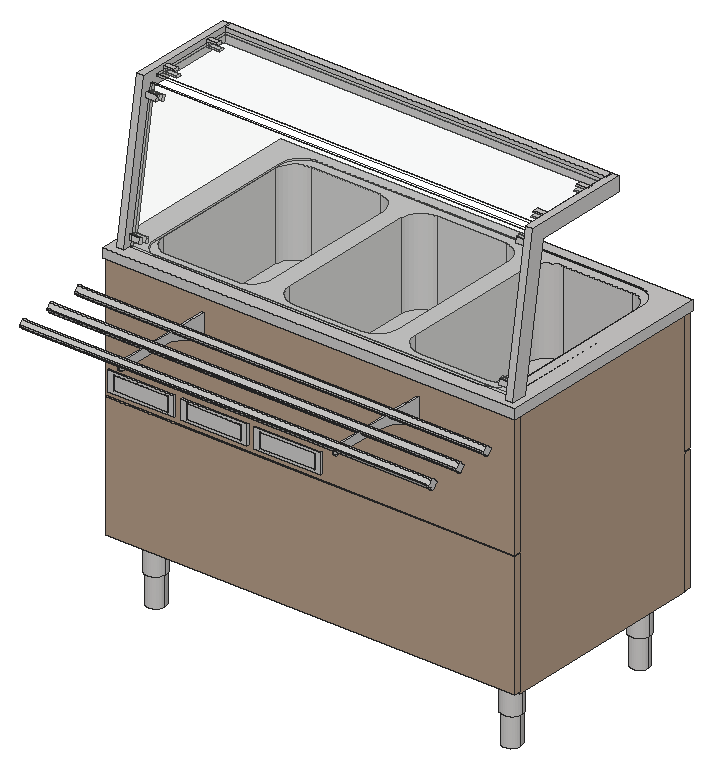
Revit family "QF_ELECTROLUXPROFESSIONAL_322079_F02H3AF01W", category Specialty Equipment, Revit 2018
Family settings
  Round Connector Dimension = Use Diameter
  Part Type = Normal
  Work Plane-Based = No
  Always vertical = Yes
  Cut with Voids When Loaded = No
  Shared = No
  Room Calculation Point = No
Parameters (values of type "Standard")
  Weight = 115.00 kg
  Watts = 0 W
  Volts = 220 V
  URL Manufacturer = "http://professional.electrolux.com"
  URL = "http://professional.electrolux.com"
  Steam Supply Size = 0 mm
  Steam Supply Minimum Pressure = 0.0 Pa
  Steam Supply Maximum Pressure = 0.0 Pa
  Steam Pounds per Hour = 0
  Show Clearance [instance] = yes
  Refrigeration Suction Line Size = 0 mm
  Refrigeration Liquid Line Size = 0 mm
  Refrigerant Compressor Remote = yes
  Manufacturer = "Electrolux Professional"
  Phase = 1
  Model = "F02H3AF01W"
  Length Actual = 1150 mm  # constant formula
  Item Number = "322079"
  Hot Water Size = 0 mm
  Height Actual = 1304 mm  # constant formula
  HP = "4.1 HP"
  Gas Size = 0 mm
  Gas KW = 0
  Gas Input Pressure = 0 W
  Direct Waste Size = 19.05 mm
  Description = "BAIN-MARIE, WATER, THREE WELLS, 3GN H=900MM OVERSHELF W/LED LIGHTS"
  Depth Actual = 915 mm  # constant formula
  Cycle = 60 Hz
  Condensate Return Size = 0 mm
  Compressed Air Volume = 0.0 L/s
  Compressed Air Size = 0 mm
  Compressed Air Pressure = 0.0 Pa
  Cold Water Size = 0 mm
  Accessory = yes
Values of the unnamed type that differ from the named types
  Volts = 0 V
  URL Manufacturer = ""
  Item Number = ""
  Cycle = 0 Hz
Reference planes
  plane 1 "Centro (Fronte/Retro)": y = 74.737
  plane 2: z = 0
  plane 3 "BACK": y = 384.737
  plane 4 "FRONT": y = -235.263
  plane 5: z = 900
  plane 6 "RIGHT": x = 60.731
  plane 7 "LEFT": x = -1089.269
  plane 8: x = -514.269
  plane 9: y = 664.737
  plane 10: y = -530.02
  plane 11: z = 178
  plane 12: z = 1304
  plane 13: z = 1222
  plane 14: y = 297.737
  plane 15: y = -148.263
  plane 16: x = -1011.269
  plane 17: x = -17.269
  plane 18: x = -1085.269
  plane 19: y = -231.263
  plane 20: x = 56.731
  plane 21: y = 380.737
  plane 22: z = 874
  plane 23: y = 362.737
  plane 24: y = -213.263
  plane 25: z = 182
  plane 26: z = 527
  plane 27: z = 531
  plane 28: x = -212.269
  plane 29: x = -816.269
  plane 30: x = -1067.269
  plane 31: x = 38.731
  plane 32: x = 18.731
  plane 33: x = -1047.269
  plane 34: x = -1039.269
  plane 35: x = 10.731
  plane 36: y = 130.237
  plane 37: y = 19.237
  plane 38: y = 33.237
  plane 39: y = 116.237
  plane 40: x = -977.269
  plane 41: x = -44.269
Forms (mm)
  Extrusion 1, solid, material "QF_Finishes_Wood"
    sketch origin (0, 0, 0) x (1, 0, 0) y (0, 1, 0)
      loop
        line (-1085.269, 362.737) -> (-1085.269, -213.263) -> (56.731, -213.263) -> (56.731, 362.737) -> (-1085.269, 362.737)
    from 178 to 874
  Extrusion 2, solid, material "QF_Finishes_Wood"
    sketch origin (56.731, 362.737, 0) x (0, -1, 0) y (0, 0, -1)
      loop
        line (576, -182) -> (576, -527) -> (594, -527) -> (594, -182) -> (576, -182)
      loop
        line (576, -531) -> (576, -874) -> (594, -874) -> (594, -531) -> (576, -531)
    from 0 to -1142
  Extrusion 3, solid, material "QF_Finishes_Wood"
    sketch origin (56.731, -213.263, 0) x (0, 1, 0) y (0, 0, 1)
      loop
        line (576, 531) -> (594, 531) -> (594, 874) -> (576, 874) -> (576, 531)
    from 0 to -1142
  Extrusion 4, solid, material "QF_Finishes_Stainless Steel"
    sketch origin (0, 0, 0) x (1, 0, 0) y (0, 1, 0)
      loop
        line (-1089.269, 384.737) -> (-1089.269, -235.263) -> (60.731, -235.263) -> (60.731, 384.737) -> (-1089.269, 384.737)
    from 874 to 900
  Extrusion 5, solid, material "QF_Finishes_Stainless Steel"
    sketch origin (-217.269, 362.737, 0) x (0, -1, 0) y (0, 0, -1)
      loop
        arc (628.84, -832.7) -> (632.082, -833.911) -> (635.519, -834.32) r 14.5
        line (635.519, -834.32) -> (675.715, -834.32) -> (689.858, -820.177) -> (704, -834.32) -> (770.715, -834.32) -> (784.858, -820.177) -> (799, -834.32) -> (865.716, -834.32) -> (879.858, -820.177) -> (887.686, -828.005) -> (887.686, -821.352)
        arc (887.686, -821.352) -> (887.303, -819.435) -> (886.214, -817.81) r 4.999
        line (886.214, -817.81) -> (881.179, -812.776)
        arc (881.179, -812.776) -> (879.559, -811.698) -> (877.651, -811.32) r 5
        line (877.651, -811.32) -> (732.206, -811.32)
        arc (732.206, -811.32) -> (708.662, -809.221) -> (685.86, -802.991) r 133.106
        line (685.86, -802.991) -> (638.285, -785.32) -> (597.679, -770.12) -> (594, -770.12) -> (594, -832.7) -> (628.84, -832.7)
    from 0 to 5
  Extrusion 6, void
    sketch origin (0, 0, 0) x (1, 0, 0) y (0, 1, 0)
      loop
        line (-1021.552, 296.537) -> (-1021.552, -138.357)
        arc (-1021.552, -138.357) -> (-1003.651, -181.492) -> (-960.516, -199.357) r 61
        line (-960.516, -199.357) -> (-68.019, -199.342)
        arc (-68.019, -199.342) -> (-24.887, -181.475) -> (-7.021, -138.342) r 61
        line (-7.021, -138.342) -> (-7.021, 296.537)
        arc (-7.021, 296.537) -> (-24.887, 339.67) -> (-68.019, 357.537) r 61
        line (-68.019, 357.537) -> (-960.516, 357.573)
        arc (-960.516, 357.573) -> (-1003.651, 339.671) -> (-1021.552, 296.537) r 61
    from 580.121 to 900
  Extrusion 7, solid, material "QF_Finishes_Wood"
    sketch origin (419.731, -213.263, -348) x (0, 1, 0) y (0, 0, 1)
      loop
        line (576, 530) -> (594, 530) -> (594, 875) -> (576, 875) -> (576, 530)
    from -363 to -658.044
  Extrusion 8, solid, material "QF_Finishes_Wood"
    sketch origin (-234.269, -213.263, -348) x (0, 1, 0) y (0, 0, 1)
      loop
        line (576, 530) -> (594, 530) -> (594, 875) -> (576, 875) -> (576, 530)
    from -548.963 to -851
  Extrusion 9, solid, material "QF_Door-Drawer Clearances", visible <- "Show Clearance"
    sketch origin (0, -4, 0) x (1, 0, 0) y (0, 1, 0)
      loop
        line (-783.232, 384.737) -> (-238.312, 384.737) -> (-710.731, 657.488)
        arc (-710.731, 657.488) -> (-764.95, 525.889) -> (-783.232, 384.737) r 544.805
    from 182 to 527
  Extrusion 10, solid, material "QF_Finishes_Stainless Steel"
    sketch origin (-816.269, 362.737, 0) x (0, -1, 0) y (0, 0, -1)
      loop
        arc (628.84, -832.7) -> (632.082, -833.911) -> (635.519, -834.32) r 14.5
        line (635.519, -834.32) -> (675.715, -834.32) -> (689.858, -820.177) -> (704, -834.32) -> (770.715, -834.32) -> (784.858, -820.177) -> (799, -834.32) -> (865.716, -834.32) -> (879.858, -820.177) -> (887.686, -828.005) -> (887.686, -821.352)
        arc (887.686, -821.352) -> (887.303, -819.435) -> (886.214, -817.81) r 4.999
        line (886.214, -817.81) -> (881.179, -812.776)
        arc (881.179, -812.776) -> (879.559, -811.698) -> (877.651, -811.32) r 5
        line (877.651, -811.32) -> (732.206, -811.32)
        arc (732.206, -811.32) -> (708.662, -809.221) -> (685.86, -802.991) r 133.106
        line (685.86, -802.991) -> (638.285, -785.32) -> (597.679, -770.12) -> (594, -770.12) -> (594, -832.7) -> (628.84, -832.7)
    from 0 to 5
  Extrusion 11, solid, material "QF_Finishes_Stainless Steel"
    sketch origin (56.731, 362.737, 0) x (0, -1, 0) y (0, 0, -1)
      loop
        line (881.983, -846.337) -> (891.875, -836.445)
        arc (891.875, -836.445) -> (892.757, -834.322) -> (891.879, -832.198) r 3
        line (891.879, -832.198) -> (881.979, -822.299)
        arc (881.979, -822.299) -> (879.858, -821.42) -> (877.737, -822.299) r 3
        line (877.737, -822.299) -> (867.837, -832.198)
        arc (867.837, -832.198) -> (866.958, -834.32) -> (867.837, -836.441) r 3
        line (867.837, -836.441) -> (877.737, -846.34)
        arc (877.737, -846.34) -> (879.86, -847.219) -> (881.983, -846.337) r 3
      loop
        line (786.979, -846.34) -> (796.879, -836.441)
        arc (796.879, -836.441) -> (797.757, -834.32) -> (796.879, -832.198) r 3
        line (796.879, -832.198) -> (786.979, -822.299)
        arc (786.979, -822.299) -> (784.858, -821.42) -> (782.737, -822.299) r 3
        line (782.737, -822.299) -> (772.837, -832.198)
        arc (772.837, -832.198) -> (771.958, -834.317) -> (772.833, -836.437) r 3
        line (772.833, -836.437) -> (782.741, -846.345)
        arc (782.741, -846.345) -> (784.861, -847.219) -> (786.979, -846.34) r 3
      loop
        line (691.976, -846.343) -> (701.882, -836.438)
        arc (701.882, -836.438) -> (702.757, -834.318) -> (701.879, -832.198) r 3
        line (701.879, -832.198) -> (691.979, -822.299)
        arc (691.979, -822.299) -> (689.858, -821.42) -> (687.737, -822.299) r 3
        line (687.737, -822.299) -> (677.837, -832.198)
        arc (677.837, -832.198) -> (676.958, -834.32) -> (677.837, -836.441) r 3
        line (677.837, -836.441) -> (687.737, -846.34)
        arc (687.737, -846.34) -> (689.856, -847.219) -> (691.976, -846.343) r 3
    from 0 to -1142
  Extrusion 12, solid, material "QF_Finishes_Stainless Steel"
    sketch origin (56.731, 362.737, 0) x (0, -1, 0) y (0, 0, -1)
      loop
        line (206.477, -1264.379) -> (206.477, -1304) -> (507.108, -1304) -> (578.344, -900) -> (537.727, -900) -> (473.477, -1264.379) -> (206.477, -1264.379)
    from -18 to -38
  Extrusion 13, solid, material "QF_Finishes_Stainless Steel"
    sketch origin (-895.269, 362.737, 0) x (0, -1, 0) y (0, 0, 1)
      loop
        line (206.477, 1264.379) -> (473.477, 1264.379) -> (537.727, 900) -> (578.344, 900) -> (507.108, 1304) -> (206.477, 1304) -> (206.477, 1264.379)
    from 172 to 152
  Extrusion 14, solid, material "QF_Finishes_Glass"
    sketch origin (-133.269, -231.263, 531) x (0, 0, 1) y (-1, 0, 0)
      loop
        line (757.879, -144) -> (765.879, -144) -> (765.879, 906) -> (757.879, 906) -> (757.879, -144)
    from -361.5 to -120.204
  Extrusion 15, solid, material "QF_Finishes_Stainless Steel"
    sketch origin (0, 0, 0) x (1, 0, 0) y (0, 1, 0)
      loop
        line (-1047.269, 156.26) -> (-1047.269, 136.26) -> (18.731, 136.26) -> (18.731, 156.26) -> (-1047.269, 156.26)
    from 1264.379 to 1304
  Extrusion 16, solid, material "QF_Finishes_Glass"
    sketch origin (-133.269, 362.737, 0) x (0, -1, 0) y (0, 0, -1)
      loop
        line (494.569, -1282.974) -> (562.097, -900) -> (553.974, -900) -> (486.445, -1282.974) -> (494.569, -1282.974)
    from 144 to -906
  Extrusion 17, solid, material "QF_Finishes_Wood"
    sketch origin (314.688, -213.263, -348) x (0, 1, 0) y (0, 0, 1)
      loop
        line (576, 530) -> (594, 530) -> (594, 875) -> (576, 875) -> (576, 530)
    from -553 to -1097.92
  Extrusion 18, solid, material "QF_Finishes_Stainless Steel"
    sketch origin (-308.144, -64.263, 531) x (0, 0, 1) y (-1, 0, 0)
      loop
        line (765.879, 706.5) -> (770.879, 708.5) -> (770.879, 739.125) -> (750.879, 739.125) -> (750.879, 731) -> (751.974, 731) -> (751.974, 700.938) -> (755.879, 702.5) -> (755.879, 732) -> (765.879, 732) -> (765.879, 706.5)
    from 0 to 14
  Extrusion 19, solid, material "QF_Finishes_Stainless Steel"
    sketch origin (-308.144, 85.737, 531) x (0, 0, 1) y (-1, 0, 0)
      loop
        line (765.879, 706.5) -> (770.879, 708.5) -> (770.879, 739.125) -> (750.879, 739.125) -> (750.879, 731) -> (751.974, 731) -> (751.974, 700.938) -> (755.879, 702.5) -> (755.879, 732) -> (765.879, 732) -> (765.879, 706.5)
    from 0 to 14
  Extrusion 20, solid, material "QF_Finishes_Stainless Steel"
    sketch origin (-720.394, -64.263, 531) x (0, 0, 1) y (-1, 0, 0)
      loop
        line (765.879, -706.5) -> (765.879, -732) -> (755.879, -732) -> (755.879, -702.5) -> (751.974, -700.938) -> (751.974, -731) -> (750.879, -731) -> (750.879, -739.125) -> (770.879, -739.125) -> (770.879, -708.5) -> (765.879, -706.5)
    from 0 to 14
  Extrusion 21, solid, material "QF_Finishes_Stainless Steel"
    sketch origin (-720.394, 85.737, 531) x (0, 0, 1) y (-1, 0, 0)
      loop
        line (765.879, -706.5) -> (765.879, -732) -> (755.879, -732) -> (755.879, -702.5) -> (751.974, -700.938) -> (751.974, -731) -> (750.879, -731) -> (750.879, -739.125) -> (770.879, -739.125) -> (770.879, -708.5) -> (765.879, -706.5)
    from 0 to 14
  Extrusion 22, solid, material "QF_Finishes_Stainless Steel"
    sketch origin (-720.394, 619.458, 1129.907) x (0, -0.984808, 0.173648) y (-1, 0, 0)
      loop
        line (765.879, -706.5) -> (765.879, -732) -> (755.879, -732) -> (755.879, -702.5) -> (751.974, -700.938) -> (751.974, -731) -> (750.879, -731) -> (750.879, -739.125) -> (770.879, -739.125) -> (770.879, -708.5) -> (765.879, -706.5)
    from 0 to 14
  Extrusion 23, solid, material "QF_Finishes_Stainless Steel"
    sketch origin (-308.144, 619.458, 1129.907) x (0, -0.984808, 0.173648) y (-1, 0, 0)
      loop
        line (765.879, 706.5) -> (770.879, 708.5) -> (770.879, 739.125) -> (750.879, 739.125) -> (750.879, 731) -> (751.974, 731) -> (751.974, 700.938) -> (755.879, 702.5) -> (755.879, 732) -> (765.879, 732) -> (765.879, 706.5)
    from 0 to 14
  Extrusion 24, solid, material "QF_Finishes_Stainless Steel"
    sketch origin (-720.394, 562.154, 799.389) x (0, -0.984808, 0.173648) y (-1, 0, 0)
      loop
        line (765.879, -706.5) -> (765.879, -732) -> (755.879, -732) -> (755.879, -702.5) -> (751.974, -700.938) -> (751.974, -731) -> (750.879, -731) -> (750.879, -739.125) -> (770.879, -739.125) -> (770.879, -708.5) -> (765.879, -706.5)
    from 0 to 14
  Extrusion 25, solid, material "QF_Finishes_Stainless Steel"
    sketch origin (-308.144, 562.154, 799.389) x (0, -0.984808, 0.173648) y (-1, 0, 0)
      loop
        line (765.879, 706.5) -> (770.879, 708.5) -> (770.879, 739.125) -> (750.879, 739.125) -> (750.879, 731) -> (751.974, 731) -> (751.974, 700.938) -> (755.879, 702.5) -> (755.879, 732) -> (765.879, 732) -> (765.879, 706.5)
    from 0 to 14
  Extrusion 26, solid, material "QF_Finishes_Stainless Steel"
    sketch origin (-1218.537, 0, 0) x (-1, 0, 0) y (0, -1, 0)
      loop
        circle (-196.269, -124.737) r 10
    from 178 to 166
  Extrusion 27, solid, material "QF_Finishes_Stainless Steel"
    sketch origin (-1218.537, 149.474, 0) x (-1, 0, 0) y (0, -1, 0)
      loop
        circle (-196.269, 124.737) r 10
    from 178 to 166
Cuts and joins
  Extrusion 6 cuts Extrusion 1
  Extrusion 6 cuts Extrusion 4
Lines and regions (mm)
  symbolic lines
    curve 1: line (60.731, 384.737, 0) -> (60.731, -235.263, 0)
    curve 2: line (-1089.269, -235.263, 0) -> (-1089.269, 384.737, 0)
    curve 3: line (-1089.269, 384.737, 0) -> (60.731, 384.737, 0)
    curve 4: line (-1089.269, -235.263, 0) -> (60.731, -235.263, 0)
    curve 5: line (10.731, -64.263, 0) -> (10.731, 71.737, 0)
    curve 6: line (-1039.269, 71.737, 0) -> (-1039.269, -64.263, 0)
    curve 7: line (-1067.269, 156.26, 0) -> (38.731, 156.26, 0)
    curve 8: line (38.731, 156.26, 0) -> (38.731, -215.607, 0)
    curve 9: line (38.731, -215.607, 0) -> (18.731, -215.607, 0)
    curve 10: line (18.731, -215.607, 0) -> (18.731, 156.26, 0)
    curve 11: line (18.731, 136.26, 0) -> (-1047.269, 136.26, 0)
    curve 12: line (-1047.269, 156.26, 0) -> (-1047.269, -215.607, 0)
    curve 13: line (-1047.269, -215.607, 0) -> (-1067.269, -215.607, 0)
    curve 14: line (-1067.269, -215.607, 0) -> (-1067.269, 156.26, 0)
    curve 15: line (-1067.269, -144.371, 0) -> (-1047.269, -144.371, 0)
    curve 16: line (18.731, -144.371, 0) -> (38.731, -144.371, 0)
    curve 17: line (-1039.269, 130.237, 0) -> (-1039.269, 85.737, 0)
    curve 18: line (-1039.269, 130.237, 0) -> (10.731, 130.237, 0)
    curve 19: line (10.731, 130.237, 0) -> (10.731, 85.737, 0)
    curve 20: line (10.731, -78.263, 0) -> (10.731, -111.059, 0)
    curve 21: line (18.731, 85.737, 0) -> (-13.769, 85.737, 0)
    curve 22: line (-13.769, 85.737, 0) -> (-13.769, 71.737, 0)
    curve 23: line (-13.769, 71.737, 0) -> (18.731, 71.737, 0)
    curve 24: line (18.731, -64.263, 0) -> (-13.769, -64.263, 0)
    curve 25: line (-13.769, -64.263, 0) -> (-13.769, -78.263, 0)
    curve 26: line (-13.769, -78.263, 0) -> (18.731, -78.263, 0)
    curve 27: line (-1047.269, -64.263, 0) -> (-1014.769, -64.263, 0)
    curve 28: line (-1014.769, -64.263, 0) -> (-1014.769, -78.263, 0)
    curve 29: line (-1014.769, -78.263, 0) -> (-1047.269, -78.263, 0)
    curve 30: line (-1047.269, 85.737, 0) -> (-1014.769, 85.737, 0)
    curve 31: line (-1014.769, 85.737, 0) -> (-1014.769, 71.737, 0)
    curve 32: line (-1014.769, 71.737, 0) -> (-1047.269, 71.737, 0)
    curve 33: line (-1047.269, -142.14, 0) -> (-1016.769, -142.14, 0)
    curve 34: line (-1016.769, -142.14, 0) -> (-1016.769, -139.709, 0)
    curve 35: line (-1016.769, -139.709, 0) -> (-1047.269, -139.709, 0)
    curve 36: line (-1016.769, -142.14, 0) -> (-1014.769, -137.216, 0)
    curve 37: line (-1040.269, -134.785, 0) -> (-1014.769, -134.785, 0)
    curve 38: line (-1040.269, -134.785, 0) -> (-1040.269, -124.937, 0)
    curve 39: line (-1040.269, -124.937, 0) -> (-1039.269, -124.937, 0)
    curve 40: line (-1040.269, -127.368, 0) -> (-1039.269, -127.368, 0)
    curve 41: line (-1047.269, -120.013, 0) -> (-1039.269, -120.013, 0)
    curve 42: line (-1039.269, -120.013, 0) -> (-1039.269, -121.091, 0)
    curve 43: line (-1039.269, -121.091, 0) -> (-1009.207, -121.091, 0)
    curve 44: line (-1009.207, -121.091, 0) -> (-1009.207, -123.708, 0)
    curve 45: line (-1009.207, -121.091, 0) -> (-1010.269, -123.708, 0)
    curve 46: line (-1016.769, -139.709, 0) -> (-1014.769, -134.785, 0)
    curve 47: line (-1014.769, -134.785, 0) -> (-1014.769, -137.216, 0)
    curve 48: line (-1039.269, -123.708, 0) -> (-1039.269, -134.785, 0)
    curve 49: line (10.731, -131.831, 0) -> (10.731, -123.708, 0)
    curve 50: line (10.731, -123.708, 0) -> (-1039.269, -123.708, 0)
    curve 51: line (18.731, -142.14, 0) -> (-11.769, -142.14, 0)
    curve 52: line (-11.769, -142.14, 0) -> (-11.769, -139.709, 0)
    curve 53: line (-11.769, -139.709, 0) -> (18.731, -139.709, 0)
    curve 54: line (-11.769, -142.14, 0) -> (-13.769, -137.216, 0)
    curve 55: line (11.731, -134.785, 0) -> (-13.769, -134.785, 0)
    curve 56: line (11.731, -134.785, 0) -> (11.731, -124.937, 0)
    curve 57: line (11.731, -124.937, 0) -> (10.731, -124.937, 0)
    curve 58: line (11.731, -127.368, 0) -> (10.731, -127.368, 0)
    curve 59: line (18.731, -120.013, 0) -> (10.731, -120.013, 0)
    curve 60: line (10.731, -120.013, 0) -> (10.731, -121.091, 0)
    curve 61: line (10.731, -121.091, 0) -> (-19.331, -121.091, 0)
    curve 62: line (-19.331, -121.091, 0) -> (-19.331, -123.708, 0)
    curve 63: line (-19.331, -121.091, 0) -> (-18.268, -123.708, 0)
    curve 64: line (-11.769, -139.709, 0) -> (-13.769, -134.785, 0)
    curve 65: line (-13.769, -134.785, 0) -> (-13.769, -137.216, 0)
    curve 66: line (10.731, -123.708, 0) -> (10.731, -134.785, 0)
    curve 67: line (-1039.269, -142.14, 0) -> (-1039.269, -192.089, 0)
    curve 68: line (-1039.269, -177.317, 0) -> (-1047.269, -177.317, 0)
    curve 69: line (-1039.269, -182.241, 0) -> (-1040.269, -182.241, 0)
    curve 70: line (-1040.269, -184.672, 0) -> (-1039.269, -184.672, 0)
    curve 71: line (-1040.269, -182.241, 0) -> (-1040.269, -192.089, 0)
    curve 72: line (-1040.269, -192.089, 0) -> (-1014.779, -192.089, 0)
    curve 73: line (-1016.769, -197.013, 0) -> (-1014.779, -192.089, 0)
    curve 74: line (-1014.779, -192.089, 0) -> (-1014.779, -194.52, 0)
    curve 75: line (-1016.769, -199.444, 0) -> (-1014.779, -194.52, 0)
    curve 76: line (-1016.769, -197.013, 0) -> (-1016.769, -199.444, 0)
    curve 77: line (-1047.269, -199.444, 0) -> (-1016.769, -199.444, 0)
    curve 78: line (-1016.769, -197.013, 0) -> (-1047.269, -197.013, 0)
    curve 79: line (10.731, -177.317, 0) -> (18.731, -177.317, 0)
    curve 80: line (10.731, -182.241, 0) -> (11.731, -182.241, 0)
    curve 81: line (11.731, -184.672, 0) -> (10.731, -184.672, 0)
    curve 82: line (11.731, -182.241, 0) -> (11.731, -192.089, 0)
    curve 83: line (11.731, -192.089, 0) -> (-13.758, -192.089, 0)
    curve 84: line (-11.769, -197.013, 0) -> (-13.758, -192.089, 0)
    curve 85: line (-13.758, -192.089, 0) -> (-13.758, -194.52, 0)
    curve 86: line (-11.769, -199.444, 0) -> (-13.758, -194.52, 0)
    curve 87: line (-11.769, -197.013, 0) -> (-11.769, -199.444, 0)
    curve 88: line (18.731, -199.444, 0) -> (-11.769, -199.444, 0)
    curve 89: line (-11.769, -197.013, 0) -> (18.731, -197.013, 0)
    curve 90: line (-1016.735, -199.36, 0) -> (-11.803, -199.36, 0)
    curve 91: line (-1039.269, -78.263, 0) -> (-1039.269, -111.059, 0)
    curve 92: line (-1039.269, -111.059, 0) -> (10.731, -111.059, 0)
    curve 93: line (-1039.269, -131.831, 0) -> (10.731, -131.831, 0)
    curve 94: line (10.731, -142.14, 0) -> (10.731, -192.089, 0)
    curve 95: line (-1089.269, -235.263, 0) -> (-1089.269, -530.02, 0)
    curve 96: line (-1089.269, -530.02, 0) -> (60.731, -530.02, 0)
    curve 97: line (60.731, -530.02, 0) -> (60.731, -235.263, 0)
  symbolic lines, style "QF_Door-Drawer Clearances"
    curve 98: line (-245.24, 384.737, 0) -> (-710.731, 653.488, 0)
    curve 99: arc (-710.731, 653.488, 0) -> (-764.432, 523.821, 0) -> (-783.226, 384.737, 0) r 544.805
    curve 100: line (-285.24, 384.737, 0) -> (-720.731, 636.168, 0)
  symbolic lines, style "SpecialityEquipmentHiddenLines"
    curve 101: line (-714.269, -115.763, 0) -> (-714.269, 275.237, 0)
    curve 102: arc (-714.269, 275.237, 0) -> (-730.671, 314.835, 0) -> (-770.269, 331.237, 0) r 56
    curve 103: line (-770.269, 331.237, 0) -> (-961.269, 331.237, 0)
    curve 104: arc (-961.269, 331.237, 0) -> (-1000.867, 314.835, 0) -> (-1017.269, 275.237, 0) r 56
    curve 105: line (-1017.269, 275.237, 0) -> (-1017.269, -115.763, 0)
    curve 106: arc (-1017.269, -115.763, 0) -> (-1000.867, -155.361, 0) -> (-961.269, -171.763, 0) r 56
    curve 107: line (-961.269, -171.763, 0) -> (-770.269, -171.763, 0)
    curve 108: arc (-770.269, -171.763, 0) -> (-730.671, -155.361, 0) -> (-714.269, -115.763, 0) r 56
    curve 109: line (-362.769, -115.763, 0) -> (-362.769, 275.237, 0)
    curve 110: arc (-362.769, 275.237, 0) -> (-379.171, 314.835, 0) -> (-418.769, 331.237, 0) r 56
    curve 111: line (-418.769, 331.237, 0) -> (-609.769, 331.237, 0)
    curve 112: arc (-609.769, 331.237, 0) -> (-649.367, 314.835, 0) -> (-665.769, 275.237, 0) r 56
    curve 113: line (-665.769, 275.237, 0) -> (-665.769, -115.763, 0)
    curve 114: arc (-665.769, -115.763, 0) -> (-649.367, -155.361, 0) -> (-609.769, -171.763, 0) r 56
    curve 115: line (-609.769, -171.763, 0) -> (-418.769, -171.763, 0)
    curve 116: arc (-418.769, -171.763, 0) -> (-379.171, -155.361, 0) -> (-362.769, -115.763, 0) r 56
    curve 117: line (-11.269, -115.763, 0) -> (-11.269, 275.237, 0)
    curve 118: arc (-11.269, 275.237, 0) -> (-27.671, 314.835, 0) -> (-67.269, 331.237, 0) r 56
    curve 119: line (-67.269, 331.237, 0) -> (-258.269, 331.237, 0)
    curve 120: arc (-258.269, 331.237, 0) -> (-297.867, 314.835, 0) -> (-314.269, 275.237, 0) r 56
    curve 121: line (-314.269, 275.237, 0) -> (-314.269, -115.763, 0)
    curve 122: arc (-314.269, -115.763, 0) -> (-297.867, -155.361, 0) -> (-258.269, -171.763, 0) r 56
    curve 123: line (-258.269, -171.763, 0) -> (-67.269, -171.763, 0)
    curve 124: arc (-67.269, -171.763, 0) -> (-27.671, -155.361, 0) -> (-11.269, -115.763, 0) r 56
Dimensions and locks
  plane 7 "LEFT" to plane 6 "RIGHT" = 1150 mm
  equal spacing: plane 3 "BACK", plane 1 "Centro (Fronte/Retro)", plane 4 "FRONT"
  plane 3 "BACK" to plane 4 "FRONT" = 620 mm
  equal spacing: plane 7 "LEFT", plane 8, plane 6 "RIGHT"
  locked: plane 9 to plane 3 "BACK" at 280
  locked: plane 4 "FRONT" to plane 10 at 294.757
  locked: plane 11 to plane 2 at 178
  locked: plane 5 to plane 2 at 900
  locked: plane 12 to plane 2 at 1304
  locked: plane 13 to plane 2 at 1222
  locked: plane 3 "BACK" to plane 14 at 87
  locked: plane 7 "LEFT" to plane 16 at 78
  locked: plane 17 to plane 6 "RIGHT" at 78
  locked: plane 15 to plane 4 "FRONT" at 87
  locked: plane 3 "BACK" to plane 21 at 4
  locked: plane 7 "LEFT" to plane 18 at 4
  locked: plane 20 to plane 6 "RIGHT" at 4
  locked: plane 19 to plane 4 "FRONT" at 4
  locked: plane 5 to plane 22 at 26
  locked: plane 24 to plane 19 at 18
  locked: plane 21 to plane 23 at 18
  plane 20 to plane 28 = 269 mm
  plane 29 to plane 18 = 269 mm
  equal spacing: plane 30, plane 8, plane 31
  plane 30 to plane 31 = 1106 mm
  locked: plane 30 to plane 33 at 20
  locked: plane 32 to plane 31 at 20
  equal spacing: plane 34, plane 8, plane 35
  plane 34 to plane 35 = 1050 mm
  equal spacing: plane 36, plane 1 "Centro (Fronte/Retro)", plane 37
  plane 36 to plane 37 = 111 mm
  locked: plane 36 to plane 39 at 14
  locked: plane 38 to plane 37 at 14
  locked: plane 41 to plane 6 "RIGHT" at 105
  locked: plane 7 "LEFT" to plane 40 at 112
  plane 16 to plane 7 "LEFT" = 78 mm
  plane 6 "RIGHT" to plane 17 = 78 mm
  angle Extrusion 9 sketch curve to Extrusion 17 = 30.00°
  aligned and locked: level to plane 2
  aligned and locked: Extrusion 1 sketch curve to plane 23
  aligned and locked: plane 18 to Extrusion 1 sketch curve
  aligned and locked: plane 24 to Extrusion 1 sketch curve
  aligned and locked: Extrusion 1 sketch curve to plane 20
  aligned and locked: plane 22 to Extrusion 1
  aligned and locked: Extrusion 1 to plane 11
  aligned and locked: plane 25 to Extrusion 2 sketch curve
  aligned and locked: Extrusion 2 sketch curve to plane 24  (x2)
  aligned and locked: Extrusion 2 sketch curve to plane 26
  aligned and locked: plane 19 to Extrusion 2 sketch curve  (x2)
  aligned and locked: plane 27 to Extrusion 2 sketch curve
  aligned and locked: Extrusion 2 sketch curve to plane 22
  aligned and locked: Extrusion 2 to plane 18
  aligned and locked: Extrusion 3 to plane 18
  aligned and locked: Extrusion 4 sketch curve to plane 3 "BACK"
  aligned and locked: plane 7 "LEFT" to Extrusion 4 sketch curve
  aligned and locked: plane 4 "FRONT" to Extrusion 4 sketch curve
  aligned and locked: Extrusion 4 sketch curve to plane 6 "RIGHT"
  aligned and locked: Extrusion 4 to plane 22
  aligned and locked: plane 20 to Extrusion 7
  aligned and locked: Extrusion 8 to plane 18
  aligned and locked: plane 26 to Extrusion 9
  aligned and locked: Extrusion 7 to plane 25
  aligned and locked: Extrusion 8 to plane 25
  aligned and locked: plane 16 to nested 1
  aligned and locked: plane 17 to nested 2
  aligned and locked: nested 2 to plane 15
  aligned and locked: nested 1 to plane 15
  aligned and locked: nested 3 to plane 14
  aligned and locked: plane 16 to nested 4
  aligned and locked: plane 20 to Extrusion 11
  aligned and locked: Extrusion 11 to plane 18
  aligned and locked: nested 4 to plane 14
  aligned and locked: Extrusion 12 to plane 31
  aligned and locked: Extrusion 12 to plane 32
  aligned and locked: plane 33 to Extrusion 13
  aligned and locked: Extrusion 13 to plane 30
  aligned and locked: Extrusion 15 sketch curve to plane 32
  aligned and locked: plane 33 to Extrusion 15 sketch curve
  aligned and locked: Extrusion 15 to Extrusion 12
  aligned and locked: Extrusion 16 to plane 34
  aligned and locked: plane 35 to Extrusion 16
  aligned and locked: Extrusion 14 sketch curve to plane 35
  aligned and locked: plane 34 to Extrusion 14 sketch curve
  aligned and locked: plane 17 to nested 3
Automatic sketch dimensions
  curve 95 to plane 4 "FRONT" = 0 mm
  curve 95 to plane 7 "LEFT" = 0 mm
  curve 13 to plane 30 = 0 mm
  curve 41 to plane 33 = 0 mm
  curve 48 to plane 34 = 0 mm
  curve 67 to plane 34 = 0 mm
  curve 6 to plane 34 = 0 mm
  curve 18 to plane 34 = 0 mm
  curve 91 to plane 34 = 0 mm
  curve 99 to plane 3 "BACK" = 0 mm
  curve 19 to plane 35 = 0 mm
  curve 20 to plane 35 = 0 mm
  curve 66 to plane 35 = 0 mm
  curve 94 to plane 35 = 0 mm
  curve 5 to plane 35 = 0 mm
  curve 16 to plane 32 = 0 mm
  curve 16 to plane 31 = 0 mm
  curve 97 to plane 6 "RIGHT" = 0 mm
  curve 96 to plane 10 = 0 mm
  curve 18 to plane 36 = 0 mm
  curve 69 to plane 34 = 1 mm
  curve 37 to curve 48 = 1 mm
  curve 41 to plane 34 = 0 mm
  curve 77 to plane 16 = 5.5 mm
  curve 46 to plane 16 = 5.5 mm
  curve 73 to plane 16 = 3.511 mm
  curve 46 to plane 16 = 3.5 mm
  curve 29 to plane 16 = 3.5 mm
  curve 32 to plane 16 = 3.5 mm
  plane 16 to curve 44 = 2.062 mm
  curve 98 to plane 9 = 11.249 mm
  plane 29 to curve 98 = 105.538 mm
  plane 21 to curve 99 = 1.195 mm
  curve 99 to plane 28 = 26.16 mm
  curve 62 to plane 17 = 2.062 mm
  plane 17 to curve 25 = 3.5 mm
  plane 17 to curve 22 = 3.5 mm
  plane 17 to curve 64 = 3.5 mm
  plane 17 to curve 85 = 3.511 mm
  curve 54 to curve 52 = 2 mm
  curve 85 to curve 84 = 1.989 mm
  plane 35 to curve 60 = 0 mm
  curve 94 to curve 83 = 1 mm
  plane 35 to curve 56 = 1 mm
  curve 10 to plane 24 = 2.344 mm
  curve 13 to plane 24 = 2.344 mm
  plane 24 to curve 77 = 13.819 mm
  plane 24 to curve 88 = 13.819 mm
  curve 75 to curve 78 = 2.431 mm
  curve 86 to curve 84 = 2.431 mm
  curve 84 to curve 86 = 2.493 mm
  curve 73 to curve 74 = 2.493 mm
  curve 78 to curve 71 = 4.924 mm
  curve 85 to curve 83 = 2.431 mm
  curve 71 to curve 71 = 9.848 mm
  curve 82 to curve 80 = 9.848 mm
  plane 15 to curve 36 = 6.122 mm
  plane 15 to curve 51 = 6.122 mm
  curve 33 to curve 35 = 2.431 mm
  curve 51 to curve 53 = 2.431 mm
  curve 52 to curve 65 = 2.493 mm
  curve 34 to curve 36 = 2.493 mm
  curve 36 to curve 47 = 2.431 mm
  curve 54 to curve 65 = 2.431 mm
  curve 66 to curve 49 = 2.954 mm
  curve 49 to curve 56 = 6.894 mm
  curve 93 to curve 39 = 6.894 mm
  curve 57 to curve 49 = 1.229 mm
  curve 62 to curve 63 = 2.617 mm
  curve 48 to curve 42 = 2.617 mm
  curve 60 to curve 59 = 1.078 mm
  curve 42 to curve 42 = 1.078 mm
  curve 59 to curve 92 = 8.954 mm
  curve 20 to curve 25 = 32.796 mm
  curve 91 to curve 29 = 32.796 mm
  curve 28 to curve 27 = 14 mm
  curve 25 to curve 25 = 14 mm
  plane 1 "Centro (Fronte/Retro)" to curve 22 = 3 mm
  plane 1 "Centro (Fronte/Retro)" to curve 31 = 3 mm
  curve 22 to plane 1 "Centro (Fronte/Retro)" = 11 mm
  curve 31 to plane 1 "Centro (Fronte/Retro)" = 11 mm
  plane 36 to curve 7 = 26.023 mm
  curve 75 to curve 90 = 0.034 mm
  plane 16 to curve 45 = 0.999 mm
  curve 100 to plane 9 = 28.569 mm
  curve 100 to curve 98 = 10 mm
  curve 100 to curve 99 = 46.812 mm
  curve 98 to curve 99 = 6.812 mm
  curve 63 to plane 17 = 0.999 mm
  curve 70 to curve 69 = 2.431 mm
  curve 81 to curve 80 = 2.431 mm
  curve 80 to curve 79 = 4.924 mm
  curve 69 to curve 68 = 4.924 mm
  plane 15 to curve 16 = 3.892 mm
  curve 15 to curve 33 = 2.23 mm
  curve 40 to curve 38 = 2.431 mm
  curve 58 to curve 57 = 2.431 mm
  plane 36 to curve 11 = 6.023 mm
  Extrusion 1 to Extrusion 3 sketch curve = 0 mm
  Extrusion 3 sketch curve to Extrusion 1 = 0 mm
  Extrusion 3 sketch curve to Extrusion 3 sketch curve = 18 mm
  Extrusion 3 sketch curve to Extrusion 3 sketch curve = 343 mm
  Extrusion 5 sketch curve to plane 19 = 0 mm
  plane 4 "FRONT" to Extrusion 5 sketch curve = 0.321 mm
  Extrusion 5 sketch curve to plane 4 "FRONT" = 30.84 mm
  Extrusion 5 sketch curve to Extrusion 5 sketch curve = 6.66 mm
  Extrusion 5 sketch curve to Extrusion 5 sketch curve = 6.678 mm
  Extrusion 5 sketch curve to Extrusion 5 sketch curve = 2.785 mm
  Extrusion 5 sketch curve to Extrusion 5 sketch curve = 40.197 mm
  Extrusion 5 sketch curve to Extrusion 5 sketch curve = 10.145 mm
  Extrusion 5 sketch curve to Extrusion 5 sketch curve = 3.998 mm
  Extrusion 5 sketch curve to plane 22 = 39.68 mm  (x3)
  Extrusion 5 sketch curve to Extrusion 5 sketch curve = 14.142 mm  (x3)
  Extrusion 5 sketch curve to Extrusion 5 sketch curve = 28.206 mm
  Extrusion 5 sketch curve to Extrusion 5 sketch curve = 38.51 mm
  Extrusion 5 sketch curve to Extrusion 5 sketch curve = 14.143 mm
  plane 10 to Extrusion 5 sketch curve = 27.042 mm
  plane 10 to Extrusion 5 sketch curve = 15.107 mm
  Extrusion 5 sketch curve to Extrusion 5 sketch curve = 2.207 mm
  Extrusion 5 sketch curve to Extrusion 5 sketch curve = 3.528 mm  (x2)
  Extrusion 5 sketch curve to Extrusion 5 sketch curve = 2.829 mm
  plane 10 to Extrusion 5 sketch curve = 5.072 mm
  Extrusion 5 sketch curve to Extrusion 5 sketch curve = 1.62 mm
  Extrusion 5 sketch curve to Extrusion 5 sketch curve = 6.314 mm
  Extrusion 5 sketch curve to Extrusion 5 sketch curve = 6.653 mm
  Extrusion 5 sketch curve to Extrusion 5 sketch curve = 1.175 mm
  Extrusion 5 sketch curve to Extrusion 5 sketch curve = 3.858 mm
  Extrusion 5 sketch curve to Extrusion 5 sketch curve = 3.543 mm
  Extrusion 5 sketch curve to Extrusion 5 sketch curve = 23 mm
  Extrusion 5 sketch curve to Extrusion 5 sketch curve = 17.187 mm
  Extrusion 5 sketch curve to Extrusion 5 sketch curve = 34.499 mm
  Extrusion 5 sketch curve to Extrusion 5 sketch curve = 15.2 mm
  Extrusion 5 sketch curve to Extrusion 5 sketch curve = 0 mm
  Extrusion 6 sketch curve to plane 40 = 16.75 mm  (x2)
  Extrusion 6 sketch curve to plane 14 = 1.2 mm  (x2)
  plane 15 to Extrusion 6 sketch curve = 9.921 mm
  plane 41 to Extrusion 6 sketch curve = 23.752 mm  (x2)
  Extrusion 6 sketch curve to plane 23 = 5.2 mm  (x2)
  plane 41 to Extrusion 6 sketch curve = 23.75 mm
  plane 24 to Extrusion 6 sketch curve = 13.921 mm
  plane 15 to Extrusion 6 sketch curve = 9.906 mm
  Extrusion 6 sketch curve to plane 16 = 10.25 mm  (x2)
  Extrusion 6 sketch curve to Extrusion 6 sketch curve = 0.033 mm
  plane 24 to Extrusion 6 sketch curve = 13.906 mm
  Extrusion 6 sketch curve to Extrusion 6 sketch curve = 0 mm  (x4)
  Extrusion 6 sketch curve to Extrusion 6 sketch curve = 0.021 mm
  Extrusion 6 sketch curve to Extrusion 6 sketch curve = 0.036 mm
  Extrusion 7 sketch curve to plane 23 = 0 mm
  Extrusion 7 sketch curve to plane 21 = 0 mm
  Extrusion 7 sketch curve to plane 25 = 0 mm
  Extrusion 7 sketch curve to plane 26 = 0 mm
  Extrusion 8 sketch curve to plane 23 = 0 mm
  Extrusion 8 sketch curve to plane 21 = 0 mm
  Extrusion 8 sketch curve to plane 25 = 0 mm
  Extrusion 8 sketch curve to plane 26 = 0 mm
  Extrusion 9 sketch curve to plane 21 = 0 mm
  plane 29 to Extrusion 9 sketch curve = 33.037 mm
  Extrusion 9 sketch curve to plane 9 = 11.249 mm
  Extrusion 9 sketch curve to plane 8 = 196.462 mm
  plane 21 to Extrusion 9 sketch curve = 1.195 mm
  Extrusion 10 sketch curve to plane 19 = 0 mm
  plane 4 "FRONT" to Extrusion 10 sketch curve = 0.321 mm
  Extrusion 10 sketch curve to plane 4 "FRONT" = 30.84 mm
  Extrusion 10 sketch curve to Extrusion 10 sketch curve = 6.66 mm
  Extrusion 10 sketch curve to Extrusion 10 sketch curve = 6.678 mm
  Extrusion 10 sketch curve to Extrusion 10 sketch curve = 2.785 mm
  Extrusion 10 sketch curve to Extrusion 10 sketch curve = 40.197 mm
  Extrusion 10 sketch curve to Extrusion 10 sketch curve = 10.145 mm
  Extrusion 10 sketch curve to Extrusion 10 sketch curve = 3.998 mm
  Extrusion 10 sketch curve to plane 22 = 39.68 mm  (x3)
  Extrusion 10 sketch curve to Extrusion 10 sketch curve = 14.142 mm  (x3)
  Extrusion 10 sketch curve to Extrusion 10 sketch curve = 28.206 mm
  Extrusion 10 sketch curve to Extrusion 10 sketch curve = 38.51 mm
  Extrusion 10 sketch curve to Extrusion 10 sketch curve = 14.143 mm
  plane 10 to Extrusion 10 sketch curve = 27.042 mm
  plane 10 to Extrusion 10 sketch curve = 15.107 mm
  Extrusion 10 sketch curve to Extrusion 10 sketch curve = 2.207 mm
  Extrusion 10 sketch curve to Extrusion 10 sketch curve = 3.528 mm  (x2)
  Extrusion 10 sketch curve to Extrusion 10 sketch curve = 2.829 mm
  plane 10 to Extrusion 10 sketch curve = 5.072 mm
  Extrusion 10 sketch curve to Extrusion 10 sketch curve = 1.62 mm
  Extrusion 10 sketch curve to Extrusion 10 sketch curve = 6.314 mm
  Extrusion 10 sketch curve to Extrusion 10 sketch curve = 6.653 mm
  Extrusion 10 sketch curve to Extrusion 10 sketch curve = 1.175 mm
  Extrusion 10 sketch curve to Extrusion 10 sketch curve = 3.858 mm
  Extrusion 10 sketch curve to Extrusion 10 sketch curve = 3.543 mm
  Extrusion 10 sketch curve to Extrusion 10 sketch curve = 23 mm
  Extrusion 10 sketch curve to Extrusion 10 sketch curve = 17.187 mm
  Extrusion 10 sketch curve to Extrusion 10 sketch curve = 34.499 mm
  Extrusion 10 sketch curve to Extrusion 10 sketch curve = 15.2 mm
  Extrusion 10 sketch curve to Extrusion 10 sketch curve = 0 mm
  Extrusion 1 to Extrusion 11 sketch curve = 39.68 mm
  Extrusion 11 sketch curve to Extrusion 1 = 103.958 mm
  Extrusion 11 sketch curve to Extrusion 11 sketch curve = 9.899 mm  (x7)
  Extrusion 1 to Extrusion 11 sketch curve = 27.657 mm
  Extrusion 11 sketch curve to Extrusion 11 sketch curve = 2.118 mm  (x3)
  Extrusion 1 to Extrusion 11 sketch curve = 37.562 mm
  Extrusion 11 sketch curve to Extrusion 11 sketch curve = 2.124 mm  (x2)
  Extrusion 1 to Extrusion 11 sketch curve = 37.563 mm
  Extrusion 11 sketch curve to Extrusion 11 sketch curve = 70.951 mm
  Extrusion 1 to Extrusion 11 sketch curve = 41.802 mm  (x6)
  Extrusion 11 sketch curve to Extrusion 11 sketch curve = 0.004 mm
  Extrusion 11 sketch curve to Extrusion 11 sketch curve = 2.126 mm
  Extrusion 1 to Extrusion 11 sketch curve = 27.655 mm
  Extrusion 11 sketch curve to Extrusion 11 sketch curve = 9.908 mm
  Extrusion 11 sketch curve to Extrusion 11 sketch curve = 2.117 mm
  Extrusion 11 sketch curve to Extrusion 11 sketch curve = 9.9 mm  (x3)
  Extrusion 1 to Extrusion 11 sketch curve = 27.66 mm  (x3)
  Extrusion 11 sketch curve to Extrusion 11 sketch curve = 2.121 mm  (x16)
  Extrusion 1 to Extrusion 11 sketch curve = 37.559 mm  (x3)
  Extrusion 11 sketch curve to Extrusion 11 sketch curve = 70.958 mm
  Extrusion 11 sketch curve to Extrusion 11 sketch curve = 0 mm  (x12)
  Extrusion 1 to Extrusion 11 sketch curve = 51.701 mm  (x6)
  Extrusion 1 to Extrusion 11 sketch curve = 27.663 mm
  Extrusion 11 sketch curve to Extrusion 11 sketch curve = 2.125 mm
  Extrusion 1 to Extrusion 11 sketch curve = 37.555 mm
  Extrusion 1 to Extrusion 12 sketch curve = 206.477 mm
  Extrusion 1 to Extrusion 12 sketch curve = 102.523 mm
  Extrusion 12 sketch curve to Extrusion 12 sketch curve = 33.631 mm
  Extrusion 1 to Extrusion 12 sketch curve = 38.273 mm
  Extrusion 12 sketch curve to Extrusion 1 = 2.344 mm
  Extrusion 12 sketch curve to Extrusion 1 = 430 mm
  Extrusion 12 sketch curve to Extrusion 12 sketch curve = 39.621 mm
  Extrusion 12 sketch curve to Extrusion 1 = 26 mm
  Extrusion 13 sketch curve to plane 12 = 0 mm
  Extrusion 13 sketch curve to plane 5 = 0 mm
  plane 36 to Extrusion 13 sketch curve = 26.023 mm
  plane 15 to Extrusion 13 sketch curve = 37.523 mm
  plane 15 to Extrusion 13 sketch curve = 3.892 mm
  Extrusion 13 sketch curve to plane 15 = 26.727 mm
  Extrusion 13 sketch curve to plane 24 = 2.344 mm
  Extrusion 13 sketch curve to plane 12 = 39.621 mm
  Extrusion 14 sketch curve to plane 12 = 15.121 mm
  Extrusion 14 sketch curve to plane 12 = 7.121 mm
  plane 36 to Extrusion 15 sketch curve = 6.023 mm
  Extrusion 15 sketch curve to Extrusion 15 sketch curve = 20 mm
  Extrusion 16 sketch curve to plane 5 = 0 mm
  plane 15 to Extrusion 16 sketch curve = 24.555 mm
  Extrusion 16 sketch curve to Extrusion 16 sketch curve = 8.123 mm  (x2)
  plane 24 to Extrusion 16 sketch curve = 22.026 mm
  Extrusion 16 sketch curve to plane 12 = 21.026 mm
  Extrusion 17 sketch curve to plane 23 = 0 mm
  Extrusion 17 sketch curve to plane 21 = 0 mm
  Extrusion 17 sketch curve to plane 25 = 0 mm
  Extrusion 17 sketch curve to plane 26 = 0 mm
  Extrusion 18 sketch curve to plane 33 = 0 mm
  plane 34 to Extrusion 18 sketch curve = 0.125 mm
  Extrusion 18 sketch curve to plane 12 = 22.121 mm
  Extrusion 18 sketch curve to Extrusion 18 sketch curve = 1.095 mm
  plane 16 to Extrusion 18 sketch curve = 0.625 mm
  Extrusion 18 sketch curve to Extrusion 18 sketch curve = 3.905 mm
  Extrusion 18 sketch curve to plane 34 = 0.875 mm
  Extrusion 18 sketch curve to plane 12 = 7.121 mm
  Extrusion 18 sketch curve to plane 12 = 2.121 mm
  plane 16 to Extrusion 18 sketch curve = 2.187 mm
  Extrusion 18 sketch curve to plane 16 = 3.375 mm
  Extrusion 18 sketch curve to plane 16 = 5.375 mm
  Extrusion 19 sketch curve to plane 33 = 0 mm
  plane 34 to Extrusion 19 sketch curve = 0.125 mm
  Extrusion 19 sketch curve to plane 12 = 22.121 mm
  Extrusion 19 sketch curve to Extrusion 19 sketch curve = 1.095 mm
  plane 16 to Extrusion 19 sketch curve = 0.625 mm
  Extrusion 19 sketch curve to Extrusion 19 sketch curve = 3.905 mm
  Extrusion 19 sketch curve to plane 34 = 0.875 mm
  Extrusion 19 sketch curve to plane 12 = 7.121 mm
  Extrusion 19 sketch curve to plane 12 = 2.121 mm
  plane 16 to Extrusion 19 sketch curve = 2.187 mm
  Extrusion 19 sketch curve to plane 16 = 3.375 mm
  Extrusion 19 sketch curve to plane 16 = 5.375 mm
  Extrusion 20 sketch curve to plane 32 = 0 mm
  Extrusion 20 sketch curve to plane 35 = 0.125 mm
  Extrusion 20 sketch curve to plane 12 = 22.121 mm
  Extrusion 20 sketch curve to Extrusion 20 sketch curve = 1.095 mm
  Extrusion 20 sketch curve to plane 17 = 0.625 mm
  Extrusion 20 sketch curve to Extrusion 20 sketch curve = 3.905 mm
  plane 35 to Extrusion 20 sketch curve = 0.875 mm
  Extrusion 20 sketch curve to plane 12 = 7.121 mm
  Extrusion 20 sketch curve to plane 12 = 2.121 mm
  plane 17 to Extrusion 20 sketch curve = 5.375 mm
  plane 17 to Extrusion 20 sketch curve = 3.375 mm
  Extrusion 20 sketch curve to plane 17 = 2.187 mm
  Extrusion 21 sketch curve to plane 32 = 0 mm
  Extrusion 21 sketch curve to plane 35 = 0.125 mm
  Extrusion 21 sketch curve to plane 12 = 22.121 mm
  Extrusion 21 sketch curve to Extrusion 21 sketch curve = 1.095 mm
  Extrusion 21 sketch curve to plane 17 = 0.625 mm
  Extrusion 21 sketch curve to Extrusion 21 sketch curve = 3.905 mm
  plane 35 to Extrusion 21 sketch curve = 0.875 mm
  Extrusion 21 sketch curve to plane 12 = 7.121 mm
  Extrusion 21 sketch curve to plane 12 = 2.121 mm
  plane 17 to Extrusion 21 sketch curve = 5.375 mm
  plane 17 to Extrusion 21 sketch curve = 3.375 mm
  Extrusion 21 sketch curve to plane 17 = 2.187 mm
  Extrusion 22 sketch curve to plane 35 = 0.125 mm
  Extrusion 22 sketch curve to Extrusion 22 sketch curve = 1.095 mm
  Extrusion 22 sketch curve to plane 17 = 0.625 mm
  Extrusion 22 sketch curve to Extrusion 22 sketch curve = 3.905 mm
  plane 35 to Extrusion 22 sketch curve = 0.875 mm
  Extrusion 22 sketch curve to Extrusion 22 sketch curve = 10 mm
  Extrusion 22 sketch curve to Extrusion 22 sketch curve = 5 mm
  plane 32 to Extrusion 22 sketch curve = 0 mm
  plane 17 to Extrusion 22 sketch curve = 5.375 mm
  plane 17 to Extrusion 22 sketch curve = 3.375 mm
  Extrusion 22 sketch curve to plane 17 = 2.187 mm
  plane 34 to Extrusion 23 sketch curve = 0.125 mm
  Extrusion 23 sketch curve to Extrusion 23 sketch curve = 1.095 mm
  plane 16 to Extrusion 23 sketch curve = 0.625 mm
  Extrusion 23 sketch curve to Extrusion 23 sketch curve = 3.905 mm
  Extrusion 23 sketch curve to plane 34 = 0.875 mm
  Extrusion 23 sketch curve to Extrusion 23 sketch curve = 10 mm
  Extrusion 23 sketch curve to Extrusion 23 sketch curve = 5 mm
  plane 16 to Extrusion 23 sketch curve = 2.187 mm
  Extrusion 23 sketch curve to plane 16 = 3.375 mm
  Extrusion 23 sketch curve to plane 16 = 5.375 mm
  Extrusion 23 sketch curve to plane 33 = 0 mm
  Extrusion 24 sketch curve to plane 35 = 0.125 mm
  Extrusion 24 sketch curve to Extrusion 24 sketch curve = 1.095 mm
  Extrusion 24 sketch curve to plane 17 = 0.625 mm
  Extrusion 24 sketch curve to Extrusion 24 sketch curve = 3.905 mm
  plane 35 to Extrusion 24 sketch curve = 0.875 mm
  Extrusion 24 sketch curve to Extrusion 24 sketch curve = 10 mm
  Extrusion 24 sketch curve to Extrusion 24 sketch curve = 5 mm
  plane 32 to Extrusion 24 sketch curve = 0 mm
  plane 17 to Extrusion 24 sketch curve = 5.375 mm
  plane 17 to Extrusion 24 sketch curve = 3.375 mm
  Extrusion 24 sketch curve to plane 17 = 2.187 mm
  plane 34 to Extrusion 25 sketch curve = 0.125 mm
  Extrusion 25 sketch curve to Extrusion 25 sketch curve = 1.095 mm
  plane 16 to Extrusion 25 sketch curve = 0.625 mm
  Extrusion 25 sketch curve to Extrusion 25 sketch curve = 3.905 mm
  Extrusion 25 sketch curve to plane 34 = 0.875 mm
  Extrusion 25 sketch curve to Extrusion 25 sketch curve = 10 mm
  Extrusion 25 sketch curve to Extrusion 25 sketch curve = 5 mm
  plane 16 to Extrusion 25 sketch curve = 2.187 mm
  Extrusion 25 sketch curve to plane 16 = 3.375 mm
  Extrusion 25 sketch curve to plane 16 = 5.375 mm
  Extrusion 25 sketch curve to plane 33 = 0 mm
  plane 16 to Extrusion 26 sketch curve = 11 mm
  plane 36 to Extrusion 26 sketch curve = 5.5 mm
  Extrusion 27 sketch curve to plane 16 = 11 mm
  plane 37 to Extrusion 27 sketch curve = 5.5 mm
  curve 105 to plane 16 = 6 mm
  curve 107 to plane 40 = 16 mm
  curve 103 to plane 40 = 16 mm
  curve 102 to plane 14 = 22.5 mm
  plane 29 to curve 102 = 46 mm
  plane 29 to curve 108 = 46 mm
  curve 102 to curve 101 = 56 mm
  curve 107 to plane 15 = 23.5 mm
  curve 102 to curve 113 = 48.5 mm
  curve 115 to plane 15 = 23.5 mm
  curve 113 to curve 115 = 56 mm
  curve 111 to plane 23 = 31.5 mm
  curve 112 to curve 111 = 56 mm
  curve 110 to plane 14 = 22.5 mm
  plane 8 to curve 110 = 95.5 mm
  plane 15 to curve 116 = 32.5 mm
  curve 110 to curve 121 = 48.5 mm
  curve 120 to plane 14 = 22.5 mm
  curve 120 to plane 28 = 46 mm
  curve 123 to plane 15 = 23.5 mm
  curve 123 to plane 28 = 46 mm
  plane 41 to curve 119 = 23 mm
  plane 41 to curve 123 = 23 mm
  plane 17 to curve 117 = 6 mm
  radius of Extrusion 26 sketch curve = 10 mm
  radius of Extrusion 27 sketch curve = 10 mm
Nested families
  nested 1: "Foot_Ø50_H150" at (-1011.269, -148.263, 0), type "Foot_Ø50_H150"
  nested 2: "Foot_Ø50_H150" at (-17.269, -148.263, 0), type "Foot_Ø50_H150"
  nested 3: "Foot_Ø50_H150" at (-17.269, 297.737, 0), type "Foot_Ø50_H150"
  nested 4: "Foot_Ø50_H150" at (-1011.269, 297.737, 0), type "Foot_Ø50_H150"
  nested 5: "Bain Marie Three well 1150" at (0, 5, 0), type "Bain Marie Three well 1150"
    with Show Clearance yes
  nested 6: "Controller_compact" at (-983.019, -231.263, 572.8) x (1, 0, 0) z (0, -1, 0), type "Controller_compact"
  nested 7: "Controller_compact" at (-778.519, -231.263, 572.8) x (1, 0, 0) z (0, -1, 0), type "Controller_compact"
  nested 8: "Controller_compact" at (-574.019, -231.263, 572.8) x (1, 0, 0) z (0, -1, 0), type "Controller_compact"
  nested 9: "Sun" at (-119.269, -45.263, 0), type "Sun"
Connectors
  piping at (-1022.269, 124.737, 166), diameter 20
    settings: on Extrusion 26, index 6, connector inside diameter 609.6 mm, connector length 0 mm, flow factor 0, pipe flow 0.0 L/s, pressure drop 0.0 Pa, fitting loss kfactor 0, connector angle 0.00°, fixture units 0, engagement length 0 mm, angle of deflection 0.00°, flow configuration 1, flow direction 2, fitting loss method 0, system type 16, joint type 0, gender type 0, connector reference index -1, connector utility 0, adjustable connector no, is connector primary yes, connector description ""
  electrical at (-1022.269, 24.737, 166)
    settings: on Extrusion 27, index 8, voltage 0 V, apparent load 0 VA, apparent load phase1 0 VA, apparent load phase2 0 VA, apparent load phase3 0 VA, power factor 1, load classification "Other", number of poles 1, system type 31, power factor state 1, is connector primary yes, connector utility no, sub classification motor no, connector description ""
Definition of nested family "Foot_Ø50_H150"
  Reference planes
    plane 1 "Centro (Fronte/Retro)": y = 0
    plane 2: z = 0
    plane 3 "Centro (Sinistra/Destra)": x = 0
    plane 4: z = 178
  Forms (mm)
    Revolve 1, solid
      sketch origin (255.05, 0, 608.09) x (0, 0, 1) y (-1, 0, 0)
        loop
          line (-608.09, 255.05) -> (-608.09, 230.05) -> (-526.09, 230.05) -> (-526.09, 226.05) -> (-430.09, 226.05) -> (-430.09, 255.05) -> (-608.09, 255.05)
        axis (-608.09, 255.05) -> (-430.09, 255.05)
      angle from 0 to 360
  Dimensions and locks
    Revolve 1 sketch curve to Revolve 1 sketch curve = 96 mm
    aligned and locked: level to plane 2
    aligned and locked: plane 4 to Revolve 1 sketch curve
    aligned and locked: Revolve 1 sketch curve to level
    aligned and locked: plane 3 "Centro (Sinistra/Destra)" to Revolve 1 sketch curve
Definition of nested family "Bain Marie Three well 1150"
  Parameters (values of type "Bain Marie Three well 1150")
    Show Clearance [instance] = yes
  Reference planes
    plane 1 "Centro (Fronte/Retro)": y = 74.737
    plane 2: z = 0
    plane 3 "BACK": y = 379.737
    plane 4 "FRONT": y = -230.263
    plane 5 "RIGHT": x = 60.731
    plane 6 "LEFT": x = -1089.269
    plane 7: x = -514.269
    plane 8 "TOP": z = 900
    plane 9: y = 352.537
    plane 10: y = -203.063
    plane 11: x = 15.031
    plane 12: x = -1043.569
    plane 13: y = 326.237
    plane 14: y = -176.763
    plane 15: x = -1017.269
    plane 16: x = -11.269
    plane 17: z = 898
    plane 18: z = 656.4
    plane 19: z = 659.4
    plane 20: x = -714.269
    plane 21: x = -314.269
    plane 22: x = -665.769
    plane 23: x = -362.769
  Forms (mm)
    Extrusion 1, solid
      sketch origin (0, 0, 900) x (-1, 0, 0) y (0, -1, 0)
        loop
          line (-15.031, -352.537) -> (1043.569, -352.537) -> (1043.569, 203.063) -> (-15.031, 203.063) -> (-15.031, -352.537)
      from -2 to -243.6
    Extrusion 2, void
      sketch origin (0, 0, 900) x (-1, 0, 0) y (0, -1, 0)
        loop
          line (1017.269, -270.237) -> (1017.269, 120.763)
          arc (1017.269, 120.763) -> (1000.867, 160.361) -> (961.269, 176.763) r 56
          line (961.269, 176.763) -> (770.269, 176.763)
          arc (770.269, 176.763) -> (730.671, 160.361) -> (714.269, 120.763) r 56
          line (714.269, 120.763) -> (714.269, -270.237)
          arc (714.269, -270.237) -> (730.671, -309.835) -> (770.269, -326.237) r 56
          line (770.269, -326.237) -> (961.269, -326.237)
          arc (961.269, -326.237) -> (1000.867, -309.835) -> (1017.269, -270.237) r 56
        loop
          arc (11.269, -270.237) -> (27.671, -309.835) -> (67.269, -326.237) r 56
          line (67.269, -326.237) -> (258.269, -326.237)
          arc (258.269, -326.237) -> (297.867, -309.835) -> (314.269, -270.237) r 56
          line (314.269, -270.237) -> (314.269, 120.763)
          arc (314.269, 120.763) -> (297.867, 160.361) -> (258.269, 176.763) r 56
          line (258.269, 176.763) -> (67.269, 176.763)
          arc (67.269, 176.763) -> (27.671, 160.361) -> (11.269, 120.763) r 56
          line (11.269, 120.763) -> (11.269, -270.237)
        loop
          arc (362.769, -270.237) -> (379.171, -309.835) -> (418.769, -326.237) r 56
          line (418.769, -326.237) -> (609.769, -326.237)
          arc (609.769, -326.237) -> (649.367, -309.835) -> (665.769, -270.237) r 56
          line (665.769, -270.237) -> (665.769, 120.763)
          arc (665.769, 120.763) -> (649.367, 160.361) -> (609.769, 176.763) r 56
          line (609.769, 176.763) -> (418.769, 176.763)
          arc (418.769, 176.763) -> (379.171, 160.361) -> (362.769, 120.763) r 56
          line (362.769, 120.763) -> (362.769, -270.237)
      from 0 to -240.6
  Cuts and joins
    Extrusion 2 cuts Extrusion 1
  Dimensions and locks
    plane 6 "LEFT" to plane 5 "RIGHT" = 1150 mm
    equal spacing: plane 3 "BACK", plane 1 "Centro (Fronte/Retro)", plane 4 "FRONT"
    plane 3 "BACK" to plane 4 "FRONT" = 610 mm
    equal spacing: plane 6 "LEFT", plane 7, plane 5 "RIGHT"
    locked: plane 8 "TOP" to plane 2 at 900
    plane 11 to plane 5 "RIGHT" = 45.7 mm
    locked: plane 3 "BACK" to plane 9 at 27.2
    locked: plane 10 to plane 4 "FRONT" at 27.2
    locked: plane 3 "BACK" to plane 13 at 53.5
    locked: plane 14 to plane 4 "FRONT" at 53.5
    plane 6 "LEFT" to plane 15 = 72 mm
    plane 16 to plane 5 "RIGHT" = 72 mm
    locked: plane 8 "TOP" to plane 17 at 2
    locked: plane 8 "TOP" to plane 18 at 243.6
    locked: plane 19 to plane 18 at 3
    plane 15 to plane 20 to plane 22 to plane 23 to plane 21 to plane 16 = 303 mm, 48.5 mm, 303 mm, 48.5 mm, 303 mm
    plane 11 to plane 12 = 1058.6 mm
    plane 6 "LEFT" to plane 12 = 45.7 mm
    plane 12 to plane 11 = 1058.6 mm
    plane 9 to plane 10 = 555.6 mm
    aligned and locked: level to plane 2
    aligned and locked: Extrusion 1 sketch curve to plane 9
    aligned and locked: plane 11 to Extrusion 1 sketch curve
    aligned and locked: Extrusion 1 sketch curve to plane 10
    aligned and locked: Extrusion 1 sketch curve to plane 12
    aligned and locked: Extrusion 1 to plane 18
    aligned and locked: Extrusion 2 to plane 19
    aligned and locked: Extrusion 2 sketch curve to plane 20
  Automatic sketch dimensions
    Extrusion 2 sketch curve to plane 16 = 0 mm
    Extrusion 2 sketch curve to plane 13 = 0 mm  (x3)
    plane 14 to Extrusion 2 sketch curve = 0 mm
    Extrusion 2 sketch curve to plane 21 = 0 mm
    Extrusion 2 sketch curve to plane 23 = 0 mm
    Extrusion 2 sketch curve to plane 14 = 0 mm  (x2)
    Extrusion 2 sketch curve to plane 22 = 0 mm
    Extrusion 2 sketch curve to plane 16 = 56 mm
    plane 14 to Extrusion 2 sketch curve = 56 mm  (x4)
    plane 21 to Extrusion 2 sketch curve = 56 mm  (x2)
    Extrusion 2 sketch curve to plane 23 = 56 mm  (x2)
    Extrusion 2 sketch curve to Extrusion 2 sketch curve = 56 mm  (x2)
    Extrusion 2 sketch curve to plane 20 = 56 mm
    Extrusion 2 sketch curve to plane 15 = 0 mm
Definition of nested family "Controller_compact"
  Parameters
    Default Elevation = 1219.2 mm
  Reference planes
    plane 1 "Center (Front/Back)": y = 0
    plane 2: z = 0
    plane 3 "Center (Left/Right)": x = 0
    plane 4: x = -76
    plane 5: x = 76
    plane 6: y = -21
    plane 7: y = 21
    plane 8: x = -92.25
    plane 9: x = 92.25
    plane 10: y = -27.2
    plane 11: y = 27.2
  Forms (mm)
    Extrusion 1, solid
      sketch origin (0, 0, 0) x (1, 0, 0) y (0, 1, 0)
        loop
          line (-1219.2, 1219.2) -> (-1219.2, -1219.2) -> (1219.2, -1219.2) -> (1219.2, 1219.2) -> (-1219.2, 1219.2)
      from 0 to -304.8
    Extrusion 2, solid
      sketch origin (0, 0, 0) x (1, 0, 0) y (0, 1, 0)
        loop
          line (-76, 21) -> (-76, -21) -> (76, -21) -> (76, 21) -> (-76, 21)
      from 0 to 5
    Extrusion 3, solid
      sketch origin (0, 0, 0) x (1, 0, 0) y (0, 1, 0)
        loop
          line (-92.25, 27.2) -> (-92.25, -27.2) -> (92.25, -27.2) -> (92.25, 27.2) -> (-92.25, 27.2)
        loop
          line (-76, 21) -> (-76, -21) -> (76, -21) -> (76, 21) -> (-76, 21)
      from 0 to 5
  Lines and regions (mm)
    Split face 1
      outline origin (-14, 0, 5) x (1, 0, 0) y (0, 1, 0)
        loop
          line (-36, 10) -> (-36, -10) -> (-16, -10) -> (-16, 10) -> (-36, 10)
    Split face 2
      outline origin (26, 0, 5) x (1, 0, 0) y (0, 1, 0)
        loop
          line (-36, 10) -> (-36, -10) -> (-16, -10) -> (-16, 10) -> (-36, 10)
    Split face 3
      outline origin (98.5, 0, 5) x (1, 0, 0) y (0, 1, 0)
        loop
          line (-68.5, 10) -> (-68.5, -10) -> (-48.5, -10) -> (-48.5, 10) -> (-68.5, 10)
  Dimensions and locks
    equal spacing: plane 4, plane 3 "Center (Left/Right)", plane 5
    equal spacing: plane 7, plane 1 "Center (Front/Back)", plane 6
    plane 7 to plane 6 = 42 mm
    plane 4 to plane 5 = 152 mm
